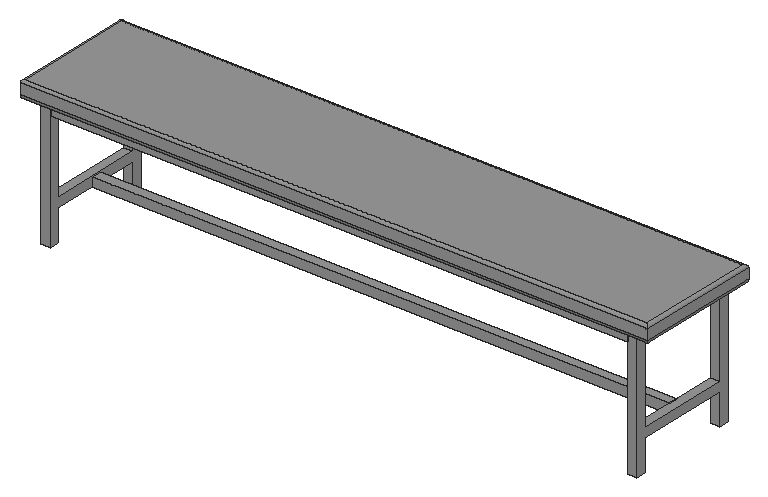
Revit family "Банкетка для раздевалок «Бавария» Арт 20546", category Антураж, Revit 2018
Family settings
  На основе рабочей плоскости = Нет
  Всегда вертикально = Да
  При загрузке вырезать с полостями = Нет
  Источник визуального образа = Геометрия семейства
  Общий = Нет
  Точка расчета площади = Нет
Parameters (values of type "Версия 2,0 м")
  Ширина = 400 mm  # constant formula
  Описание = if([Версия 1,2 м], "Банкетка для раздевалок «Бавария». Версия 1,2 м", if([Версия 1,5 м], "Банкетка для раздевалок «Бавария». Версия 1,5 м", "Банкетка для раздевалок «Бавария». Версия 2,0 м"))  # "Банкетка для раздевалок «Бавария». Версия 2,0 м"
  Материал изделия = "Сталь, кожзаменитель"  # constant formula
  Изображение типоразмера = Банкетка для раздевалок «Бавария» Арт 20546.jpg
  Изготовитель = "ООО «Хоббика»"  # constant formula
  Длина = if([Версия 1,2 м], 1200 mm, if([Версия 1,5 м], 1500 mm, 2000 mm))  # 2000 mm
  Группа модели = "Скамейки для раздевалок"  # constant formula
  Высота = 460 mm  # constant formula
  Версия 1,5 м = no
  Версия 2,0 м = not(or([Версия 1,2 м], [Версия 1,5 м]))  # yes
  Версия 1,2 м = no
  Артикул товара = "Арт. 20546"  # constant formula
  URL = "https://hobbyka.ru/product/banketka_dlya_razdevalok_leyptsig/"
Types (4, lengths in mm): name | Описание | Длина | Версия 1,5 м | Версия 2,0 м | Версия 1,2 м
  (no name) | "Банкетка для раздевалок «Бавария». Версия 2,0 м" | 2000 | no | yes | no
  Версия 1,2 м | "Банкетка для раздевалок «Бавария». Версия 1,2 м" | 1200 | no | no | yes
  Версия 1,5 м | "Банкетка для раздевалок «Бавария». Версия 1,5 м" | 1500 | yes | no | no
  Версия 2,0 м | "Банкетка для раздевалок «Бавария». Версия 2,0 м" | 2000 | no | yes | no
Reference planes
  plane 1 "По центру (Вперед/Назад)": y = 0
  plane 2: z = 0
  plane 3 "По центру (Влево/Вправо)": x = 0
  plane 4: x = 50
  plane 5: x = 2000
  plane 6: x = 1950
  plane 7: y = 400
  plane 8: z = 460
  plane 9: x = 80
  plane 10: x = 1920
Forms (mm)
  Extrusion 1, solid, material "Сталь"
    sketch origin (0, 0, 0) x (0, 1, 0) y (0, 0, 1)
      loop
        line (380, 406.076) -> (20, 406.076) -> (20, 0) -> (50, 0) -> (50, 100) -> (350, 100) -> (350, 0) -> (380, 0) -> (380, 406.076)
      loop
        line (350, 376.076) -> (50, 376.076) -> (50, 130) -> (350, 130) -> (350, 376.076)
    from 50 to 80
  Extrusion 2, solid, material "Сталь"
    sketch origin (0, 0, 0) x (0, 1, 0) y (0, 0, 1)
      loop
        line (380, 406.076) -> (20, 406.076) -> (20, 0) -> (50, 0) -> (50, 100) -> (350, 100) -> (350, 0) -> (380, 0) -> (380, 406.076)
      loop
        line (350, 376.076) -> (50, 376.076) -> (50, 130) -> (350, 130) -> (350, 376.076)
    from 1920 to 1950
  Extrusion 3, solid, material "Сталь"
    sketch origin (0, 0, 0) x (0, 1, 0) y (0, 0, 1)
      loop
        line (380, 406.076) -> (350, 406.076) -> (350, 376.076) -> (380, 376.076) -> (380, 406.076)
      loop
        line (20, 406.076) -> (20, 376.076) -> (50, 376.076) -> (50, 406.076) -> (20, 406.076)
      loop
        line (215, 100) -> (215, 130) -> (185, 130) -> (185, 100) -> (215, 100)
    from 80 to 1920
  Extrusion 4, solid, material "КожЗам"
    sketch origin (0, 0, 0) x (1, 0, 0) y (0, 1, 0)
      loop
        line (0, 400) -> (0, 0) -> (2000, 0) -> (2000, 400) -> (0, 400)
    from 406.076 to 460
  Sweep 5, void
    path origin (0, 0, 0) x (1, 0, 0) y (0, 1, 0)
      loop
        line (0, 400) -> (0, 0) -> (2000, 0) -> (2000, 400) -> (0, 400)
    profile origin (1000, 400, 0) x (0, 1, 0) y (0, 0, 1)
      loop
        arc (-10, 460) -> (-2.929, 457.071) -> (0, 450) r 10
        line (0, 450) -> (0, 460) -> (-10, 460)
      loop
        line (-10, 406.076) -> (0, 406.076) -> (0, 416.076)
        arc (0, 416.076) -> (-2.929, 409.005) -> (-10, 406.076) r 10
Cuts and joins
  Sweep 5 cuts Extrusion 4
Dimensions and locks
  "Ширина": plane 7 to plane 1 "По центру (Вперед/Назад)"
  "Длина": plane 3 "По центру (Влево/Вправо)" to plane 5
  plane 3 "По центру (Влево/Вправо)" to plane 4 to plane 9 = 50 mm locked, 30 mm locked
  plane 10 to plane 6 to plane 5 = 30 mm locked, 50 mm locked
  plane 8 to plane 2 = 460 mm
  aligned and locked: level to plane 2
  aligned and locked: plane 9 to Extrusion 1
  aligned and locked: Extrusion 1 to plane 4
  aligned and locked: plane 6 to Extrusion 2
  aligned and locked: Extrusion 2 to plane 10
  aligned and locked: Extrusion 3 to plane 9
  aligned and locked: Extrusion 4 sketch curve to plane 7
  aligned and locked: plane 3 "По центру (Влево/Вправо)" to Extrusion 4 sketch curve
  aligned and locked: Extrusion 4 sketch curve to plane 1 "По центру (Вперед/Назад)"
  aligned and locked: Extrusion 4 sketch curve to plane 5
  aligned and locked: Sweep 5 sketch curve to Extrusion 4  (x4)
  aligned and locked: plane 10 to Extrusion 3
Automatic sketch dimensions
  Extrusion 1 sketch curve to level = 0 mm  (x2)
  Extrusion 1 sketch curve to plane 1 "По центру (Вперед/Назад)" = 20 mm
  Extrusion 1 sketch curve to Extrusion 1 sketch curve = 0 mm
  Extrusion 1 sketch curve to plane 7 = 50 mm  (x2)
  Extrusion 1 sketch curve to plane 7 = 20 mm
  level to Extrusion 1 sketch curve = 100 mm
  Extrusion 1 sketch curve to Extrusion 1 sketch curve = 30 mm  (x3)
  Extrusion 1 sketch curve to plane 8 = 53.924 mm
  Extrusion 2 sketch curve to level = 0 mm  (x2)
  Extrusion 2 sketch curve to plane 1 "По центру (Вперед/Назад)" = 20 mm
  Extrusion 2 sketch curve to Extrusion 2 sketch curve = 0 mm
  Extrusion 2 sketch curve to plane 7 = 50 mm  (x2)
  Extrusion 2 sketch curve to plane 7 = 20 mm
  level to Extrusion 2 sketch curve = 100 mm
  Extrusion 2 sketch curve to Extrusion 2 sketch curve = 30 mm  (x2)
  Extrusion 2 sketch curve to plane 8 = 53.924 mm
  Extrusion 3 sketch curve to plane 1 "По центру (Вперед/Назад)" = 20 mm
  Extrusion 3 sketch curve to Extrusion 3 sketch curve = 30 mm  (x5)
  Extrusion 3 sketch curve to plane 7 = 50 mm
  Extrusion 3 sketch curve to plane 7 = 20 mm
  Extrusion 3 sketch curve to plane 8 = 83.924 mm  (x2)
  Extrusion 3 sketch curve to plane 7 = 185 mm
  level to Extrusion 3 sketch curve = 130 mm
  Extrusion 2 sketch curve to plane 1 "По центру (Вперед/Назад)" = 50 mm
  Sweep 5 sketch curve to profile plane = 0 mm  (x2)
  profile plane to Sweep 5 sketch curve = 10 mm  (x2)
  level to Sweep 5 sketch curve = 406.076 mm
  Sweep 5 sketch curve to Sweep 5 sketch curve = 33.924 mm
